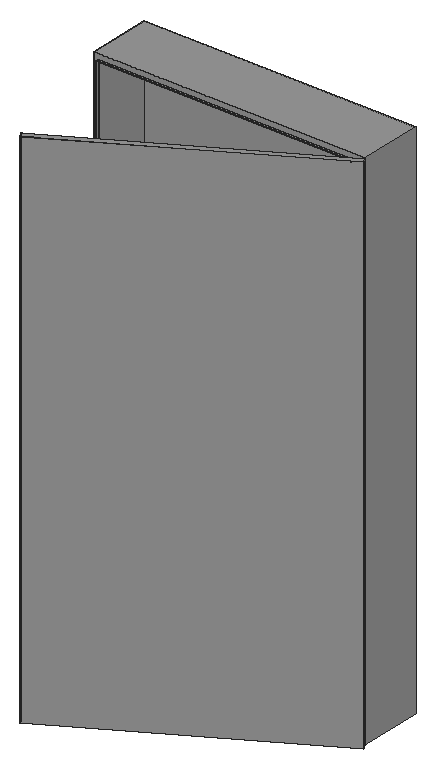
Revit family "Hager-Univers-IP54-D205-H1550-Cl.II-Encl-NoHosted-DE-de", category Equipement électrique, Revit 2020
Family settings
  Configuration du panneau = Deux colonnes, circuits au sein
  Cote de connecteur circulaire = Utiliser le diamètre
  Type d'élément = Tableau de raccordement
  Basée sur le plan de construction = Oui
  Toujours verticalement = Oui
  Couper avec des vides une fois chargée = Non
  Partagée = Non
  Point de calcul de pièce = Non
Parameters (values of type "Aufputz IP54 B800 H1550 T205  - FP03SW2")
  Width Control [instance] = if([EF000008 - Breite] > Min Width, [EF000008 - Breite], Min Width)  # 800 mm
  Commentaires du type = [HG000003 - Bereich]  # "Univers"
  Thickness Door [instance] = if([EF009171 - Materialstärke Tür/Deckel] > 3 mm, 3 mm, [EF009171 - Materialstärke Tür/Deckel])  # 1 mm
  Seal Frame Offset [instance] = 17 mm  # constant formula
  Plinth Visibility [instance] = [HG000027 - Sockelhöhe] > 0 mm  # no
  Min Width [instance] = 100 mm  # constant formula
  Min Depth [instance] = (2 * [EF009170 - Materialstärke Gehäuse]) + 1 mm  # 3 mm
  Min Height [instance] = 100 mm  # constant formula
  Internal Frame Depth [instance] = (Door System Depth * 0.5)  # 9 mm
  Panel Name [instance] = ""  # (empty or 0)
  Model = ""
  HG000027 - Sockelhöhe = 0 mm
  HG000026 - Stehend auf dem Boden = no
  HG000024 - Höhe des unteren Teils = 600 mm
  HG000023 - Gehäuse mit doppeltem Querschnitt = no
  HG000016 - 3D-Türsichtbarkeit [instance] = yes
  HG000015 - Sichtbarkeit der Türöffnung [instance] = no
  HG000014 - Tür rechts [instance] = yes
  HG000013 - Tür links [instance] = not([HG000014 - Tür rechts])  # no
  HG000012 - Türschwenkwinkel [instance] = 30.00°
  HG000010 - Asymmetrische Türen = no
  HG000009 - Doppelflügeligen Tür = no
  HG000006 - Unterputz = no
  HG000004 - Herstellerreferenz = "FP03SW2"
  HG000003 - Bereich = "Univers"
  HG000002 - Mit tür = yes
  Frame Offset Bottom [instance] = 10 mm  # constant formula
  Frame Offset [instance] = 15 mm  # constant formula
  EF015940 - Deckel mit Überdruckentlastung = no
  EF011959 - Schutzart (NEMA) = ""
  EF009554 - Anzahl der Öffnungen für Flanschplatten = 6
  EF009212 - Ausführung Deckel = "EV000116 - geschlossen"
  EF009171 - Materialstärke Tür/Deckel = 1 mm
  EF009170 - Materialstärke Gehäuse = 1 mm
  EF008873 - Nennstrom (In) = 250 A
  EF007800 - Geeignet für Blitzschutz = no
  EF006306 - Mit Schloss = no
  EF006244 - Transparenter Deckel/Tür = no
  EF005474 - Schutzart (IP) = "EV006419 - IP54"
  EF004464 - Art der Tür = "EV002646 - Einzel"
  EF004427 - Anzahl der Module = 360
  EF004293 - Schlagfestigkeit = "EV006815 - IK09"
  EF003532 - Geeignet für Außengebrauch = no
  EF002950 - Breite in Teilungseinheiten = 36
  EF001613 - Funktionserhalt = "EV000494 - ohne"
  EF001596 - Werkstoff des Gehäuses = "EV000179 - Stahl"
  EF001131 - Innentiefe = 143 mm
  EF001088 - Anbaumöglichkeit = yes
  EF000437 - Anzahl der Leitungseinführungen = 6
  EF000339 - Art der Abdeckung = "EV001012 - Deckel"
  EF000266 - Anzahl der Reihen = 10
  EF000218 - Einbautiefe = 205 mm
  EF000118 - Mit Montageplatte = no
  EF000116 - RAL-Nummer = "9010"
  EF000049 - Tiefe = 205 mm
  EF000040 - Höhe = 1550 mm
  EF000008 - Breite = 800 mm
  EF000007 - Farbe = "EV000202 - weiß"
  EF000003 - Montageart = "EV000384 - Aufputz"
  Door System Leaf Tolerance [instance] = 1.5 mm  # constant formula
  Door System Depth [instance] = 18 mm  # constant formula
  Door Height [instance] = Height Control - [HG000027 - Sockelhöhe]  # 1550 mm
  Description = ""
  Default Elevation = 1219.2 mm
  Connector Offset [instance] = Height Control / 2  # 775 mm
  Fabricant = "Hager"  # constant formula
  Height Control [instance] = if([EF000040 - Höhe] > Min Height, [EF000040 - Höhe], Min Height)  # 1550 mm
  Depth Control [instance] = if([EF000049 - Tiefe] > Min Depth, [EF000049 - Tiefe], Min Depth)  # 205 mm
  Bottom Top Plate Trim [instance] = 1.5 mm  # constant formula
  Plinth height Ctrl [instance] = if([HG000027 - Sockelhöhe] > 0 mm, [HG000027 - Sockelhöhe], 12 mm)  # 12 mm
Types (5, lengths in mm): name | Width Control | HG000010 - Asymmetrische Türen | HG000009 - Doppelflügeligen Tür | HG000004 - Herstellerreferenz | EF009554 - Anzahl der Öffnungen für Flanschplatten | EF008873 - Nennstrom (In) | EF004464 - Art der Tür | EF004427 - Anzahl der Module | EF002950 - Breite in Teilungseinheiten | EF000437 - Anzahl der Leitungseinführungen | EF000008 - Breite
  Aufputz IP54 B1050 H1550 T205  - FP04SW2 | 1050 | no | yes | "FP04SW2" | 8 | 400 A | "EV003602 - Doppel" | 480 | 48 | 8 | 1050
  Aufputz IP54 B1300 H1550 T205  - FP05SW2 | 1300 | yes | yes | "FP05SW2" | 10 | 400 A | "EV003602 - Doppel" | 600 | 60 | 10 | 1300
  Aufputz IP54 B300 H1550 T205  - FP01SW2 | 300 | no | no | "FP01SW2" | 2 | 250 A | "EV002646 - Einzel" | 120 | 12 | 2 | 300
  Aufputz IP54 B550 H1550 T205  - FP02SW2 | 550 | no | no | "FP02SW2" | 4 | 250 A | "EV002646 - Einzel" | 240 | 24 | 4 | 550
  Aufputz IP54 B800 H1550 T205  - FP03SW2 | 800 | no | no | "FP03SW2" | 6 | 250 A | "EV002646 - Einzel" | 360 | 36 | 6 | 800
Reference planes
  plane 1 "Center (Front/Back)": y = 0
  plane 2: z = 0
  plane 3 "Center (Left/Right)": x = 0
  plane 4: y = 0
  plane 5: y = 0
  plane 6: z = 0
  plane 7: x = -400
  plane 8: x = 400
  plane 9: x = 399
  plane 10: x = -399
  plane 11: z = 0
  plane 12: z = 1
  plane 13: y = -205
  plane 14: y = -1
  plane 15: x = 0
  plane 16: y = -187
  plane 17: y = -204
  plane 18: y = -186
  plane 19: x = -384
  plane 20: x = 384
  plane 21: z = 11
  plane 22: x = -383
  plane 23: x = 383
  plane 24: z = 0
  plane 25: z = 1550
  plane 26: z = 1550
  plane 27: z = 1534
  plane 28: z = 1549
Forms (mm)
  Extrusion 1, solid, material "Hager_Steel_RAL7035_Light_Grey", detail levels medium+fine
    sketch origin (-208.679, -4572, 0) x (-1, 0, 0) y (0, -1, 0)
      loop
        line (191.321, -4385) -> (-608.679, -4385) -> (-608.679, -4572) -> (191.321, -4572) -> (191.321, -4385)
    from 0 to 1550
  Extrusion 2, void
    sketch origin (-350.771, -205, 1219.2) x (1, 0, 0) y (0, 0, 1)
      loop
        line (-48.229, 329.8) -> (-48.229, -1218.2) -> (749.771, -1218.2) -> (749.771, 329.8) -> (-48.229, 329.8)
    from -19 to -204
  Extrusion 3, void
    sketch origin (-290.084, -187, 1219.2) x (1, 0, 0) y (0, 0, 1)
      loop
        line (-93.916, -1208.2) -> (674.084, -1208.2) -> (674.084, 314.8) -> (-93.916, 314.8) -> (-93.916, -1208.2)
    from 0 to -1
  Extrusion 4, solid, material "Hager_Steel_RAL7035_Light_Grey", visible <- "Plinth Visibility", detail levels medium+fine
    sketch origin (0, 0, 0) x (1, 0, 0) y (0, 1, 0)
      loop
        line (-400, 0) -> (-400, -187) -> (400, -187) -> (400, 0) -> (-400, 0)
    from 0 to 12 <- "Plinth height Ctrl"
  Extrusion 5, solid, material "Hager_Steel_RAL7035_Light_Grey", detail levels coarse
    sketch origin (0, 0, 0) x (1, 0, 0) y (0, 1, 0)
      loop
        line (-400, 0) -> (-400, -205) -> (400, -205) -> (400, 0) -> (-400, 0)
    from 0 to 1550 <- "Height Control"
  Sweep 6, void
    path in 3D
      loop
        line (-400, -187, 12) -> (400, -187, 12) -> (400, 0, 12) -> (-400, 0, 12) -> (-400, -187, 12)
    profile origin (-400, -93.5, 12) x (1, 0, 0) y (0, 0, 1)
      loop
        line (0, 0) -> (0, -1.5) -> (1.5, -1.5)
        arc (1.5, -1.5) -> (1.061, -0.439) -> (0, 0) r 1.5
  Extrusion 7, solid, material "Hager_Steel_RAL7035_Light_Grey", detail levels fine
    sketch origin (-400, -187, 0) x (1, 0, 0) y (0, 0, 1)
      loop
        line (16, 11) -> (784, 11) -> (784, 1534) -> (16, 1534) -> (16, 11)
      loop
        line (15, 10) -> (785, 10) -> (785, 1535) -> (15, 1535) -> (15, 10)
    from 0 to 9 <- "Internal Frame Depth"
Cuts and joins
  Extrusion 2, Extrusion 3 cuts Extrusion 1
  Sweep 6 cuts Extrusion 4
Lines and regions (mm)
  Masking region 1
    outline origin (0, 0, 0) x (1, 0, 0) y (0, 1, 0)
      loop
        line (-400, 0) -> (-400, -205) -> (400, -205) -> (400, 0) -> (-400, 0)
  Masking region 2, detail levels coarse
    outline origin (-290.084, -187, 1219.2) x (-1, 0, 0) y (0, 0, 1)
      loop
        line (-690.084, -1219.2) -> (109.916, -1219.2) -> (109.916, 330.8) -> (-690.084, 330.8) -> (-690.084, -1219.2)
  Masking region 3, detail levels coarse
    outline origin (0, 0, 0) x (0, 1, 0) y (0, 0, 1)
      loop
        line (0, 0) -> (0, 1550) -> (-205, 1550) -> (-205, 0) -> (0, 0)
  Masking region 4, visible <- "Plinth Visibility", detail levels medium+fine
    outline origin (0, 0, 0) x (0, 1, 0) y (0, 0, 1)
      loop
        line (-1.5, 12) -> (-185.5, 12)
        arc (-185.5, 12) -> (-185.939, 10.939) -> (-187, 10.5) r 1.5
        line (-187, 10.5) -> (-187, 0) -> (0, 0) -> (0, 10.5)
        arc (0, 10.5) -> (-1.061, 10.939) -> (-1.5, 12) r 1.5
  Masking region 5, detail levels medium+fine
    outline origin (0, 0, 594.038) x (0, 1, 0) y (0, 0, 1)
      loop
        line (0, -594.038) -> (0, 955.962) -> (-187, 955.962) -> (-187, -594.038) -> (0, -594.038)
  Masking region 6, detail levels medium+fine
    outline origin (-359.7, -187, 1211.883) x (-1, 0, 0) y (0, 0, 1)
      loop
        line (-759.7, -1211.883) -> (40.3, -1211.883) -> (40.3, 338.117) -> (-759.7, 338.117) -> (-759.7, -1211.883)
  Masking region 7, visible <- "Plinth Visibility", detail levels medium+fine
    outline origin (-320.334, -187, 1041.368) x (-1, 0, 0) y (0, 0, 1)
      loop
        line (-720.334, -1041.368) -> (79.666, -1041.368) -> (79.666, -1030.868)
        arc (79.666, -1030.868) -> (78.606, -1030.429) -> (78.166, -1029.368) r 1.5
        line (78.166, -1029.368) -> (-718.834, -1029.368)
        arc (-718.834, -1029.368) -> (-719.273, -1030.429) -> (-720.334, -1030.868) r 1.5
        line (-720.334, -1030.868) -> (-720.334, -1041.368)
  sketch lines
    curve 1: line (-400, 0, 12) -> (-400, -187, 12)
    curve 2: line (-400, -187, 12) -> (400, -187, 12)
    curve 3: line (400, 0, 12) -> (-400, 0, 12)
    curve 4: line (400, -187, 12) -> (400, 0, 12)
Dimensions and locks
  locked: plane 1 "Center (Front/Back)" to plane 5
  "EF009170 - Materialstärke Gehäuse": plane 7 to plane 10
  "EF009170 - Materialstärke Gehäuse": plane 8 to plane 9
  equal spacing: plane 7, plane 3 "Center (Left/Right)", plane 8
  "Width Control": plane 7 to plane 8
  "Depth Control": plane 4 to plane 13
  "EF009170 - Materialstärke Gehäuse": plane 4 to plane 14
  "Height Control": plane 25 to level
  "HG000027 - Sockelhöhe": plane 11 to level
  "EF009170 - Materialstärke Gehäuse": plane 12 to plane 11
  "EF009170 - Materialstärke Gehäuse": plane 17 to plane 13
  "EF009170 - Materialstärke Gehäuse": plane 18 to plane 16
  "Frame Offset Bottom": plane 21 to plane 12
  "Frame Offset": plane 10 to plane 19
  "Frame Offset": plane 9 to plane 20
  "Door System Depth": plane 16 to plane 13
  "Seal Frame Offset": plane 7 to plane 22
  "Seal Frame Offset": plane 8 to plane 23
  "EF009170 - Materialstärke Gehäuse": plane 26 to plane 28
  "Frame Offset": plane 28 to plane 27
  "Connector Offset": plane 2 to connector elem
  "Bottom Top Plate Trim": profile plane to Sweep 6 sketch curve
  "Bottom Top Plate Trim": Sweep 6 sketch curve to Sweep 6 sketch curve
  "Plinth height Ctrl": Masking region 4 sketch curve to level
  "Plinth height Ctrl": Masking region 7 sketch curve to level
  "Thickness Door": Extrusion 7 sketch curve to Extrusion 7 sketch curve  (x4)
  "Bottom Top Plate Trim": radius of Sweep 6 sketch curve
  "Bottom Top Plate Trim": radius of Masking region 4 sketch curve  (x2)
  "Bottom Top Plate Trim": radius of Masking region 7 sketch curve  (x2)
  aligned and locked: Extrusion 2 sketch curve to plane 12
  aligned and locked: Extrusion 2 sketch curve to plane 9
  aligned and locked: Extrusion 2 sketch curve to plane 10
  aligned and locked: Extrusion 2 to plane 14
  aligned and locked: Extrusion 1 sketch curve to plane 4
  aligned and locked: plane 8 to Extrusion 1 sketch curve
  aligned and locked: plane 7 to Extrusion 1 sketch curve
  aligned and locked: Extrusion 2 to plane 18
  aligned and locked: Extrusion 3 sketch curve to plane 19
  aligned and locked: plane 20 to Extrusion 3 sketch curve
  aligned and locked: Extrusion 3 to Extrusion 2
  aligned and locked: Extrusion 3 sketch curve to plane 21
  aligned and locked: plane 3 "Center (Left/Right)" to nested 1
  aligned and locked: Extrusion 1 sketch curve to plane 16
  aligned and locked: Extrusion 4 sketch curve to cut or joined group of Extrusion 1, Extrusion 2, Extrusion 3
  aligned and locked: Masking region 1 sketch curve to plane 7
  aligned and locked: Masking region 1 sketch curve to plane 5
  aligned and locked: Masking region 1 sketch curve to plane 8
  aligned and locked: Masking region 2 sketch curve to level
  aligned and locked: level to Masking region 3 sketch curve
  aligned and locked: plane 1 "Center (Front/Back)" to Masking region 3 sketch curve
  aligned and locked: plane 13 to Masking region 3 sketch curve
  aligned and locked: plane 5 to Masking region 4 sketch curve
  aligned and locked: Masking region 2 sketch curve to plane 8
  aligned and locked: Masking region 2 sketch curve to plane 7
  aligned and locked: plane 7 to nested 2
  aligned and locked: nested 2 to plane 5
  aligned and locked: plane 5 to Masking region 5 sketch curve
  aligned and locked: plane 26 to Masking region 5 sketch curve
  aligned and locked: Extrusion 5 sketch curve to plane 8
  aligned and locked: Extrusion 5 sketch curve to plane 7
  aligned and locked: Extrusion 5 sketch curve to plane 5
  aligned and locked: Extrusion 3 sketch curve to plane 27
  aligned and locked: Extrusion 2 sketch curve to plane 28
  aligned and locked: Masking region 2 to plane 25
  aligned and locked: Extrusion 4 to plane 16
  aligned and locked: profile plane to Sweep 6 sketch curve
  aligned and locked: Masking region 5 sketch curve to plane 24
  aligned and locked: level to Masking region 4 sketch curve
  aligned and locked: Masking region 1 to plane 13
  aligned and locked: nested 1 to plane 16
  aligned and locked: Masking region 3 to plane 25
  aligned and locked: plane 16 to Masking region 4 sketch curve
  aligned and locked: Masking region 5 sketch curve to plane 16
  aligned and locked: plane 24 to plane 11
  aligned and locked: plane 26 to plane 25
  aligned and locked: plane 26 to cut or joined group of Extrusion 1, Extrusion 2, Extrusion 3
  aligned and locked: nested 1 to plane 24
  aligned and locked: Extrusion 1 to Extrusion 3
  aligned and locked: Masking region 6 sketch curve to plane 8
  aligned and locked: Masking region 6 sketch curve to plane 24
  aligned and locked: Masking region 6 sketch curve to plane 7
  aligned and locked: Masking region 6 sketch curve to plane 26
  aligned and locked: Masking region 7 sketch curve to plane 7
  aligned and locked: level to Masking region 7 sketch curve
  aligned and locked: Masking region 7 sketch curve to plane 8
  aligned and locked: Extrusion 7 sketch curve to cut or joined group of Extrusion 1, Extrusion 2, Extrusion 3  (x4)
Automatic sketch dimensions
  plane 19 to Extrusion 3 sketch curve = 0 mm
  Extrusion 3 sketch curve to plane 20 = 0 mm
  Extrusion 3 sketch curve to plane 21 = 0 mm
  Extrusion 4 sketch curve to plane 7 = 0 mm
  Extrusion 4 sketch curve to plane 8 = 0 mm
  Extrusion 4 sketch curve to plane 16 = 0 mm
  Masking region 1 sketch curve to plane 13 = 0 mm
  Masking region 2 sketch curve to plane 25 = 0 mm
  Masking region 3 sketch curve to plane 25 = 0 mm
  Extrusion 5 sketch curve to plane 13 = 0 mm
  profile plane to Sweep 6 sketch curve = 0 mm
Nested families
  nested 1: "EC000058_Univers_Door" at (0, -187, 0), Double <- "HG000009 - Doppelflügeligen Tür", Transparent <- "EF006244 - Transparenter Deckel/Tür", Angle <- "HG000012 - Türschwenkwinkel", Door_Right <- "HG000014 - Tür rechts", Assymetrical <- "HG000010 - Asymmetrische Türen", Door <- "HG000002 - Mit tür", Width_Ctrl <- "Width Control", 3d_Door <- "HG000016 - 3D-Türsichtbarkeit", Clearance <- "HG000015 - Sichtbarkeit der Türöffnung", Door_Left <- "HG000013 - Tür links", Width <- "Width Control", Door_Depth <- "Door System Depth", Leaf_Tolerance <- "Door System Leaf Tolerance", Height <- "Door Height", Lock_Visibility <- "EF006306 - Mit Schloss", Thickness <- "Thickness Door", type "EC000058_Univers_Door", detail levels medium+fine
    with min_wh 3 mm, Width_Ctrl 800 mm, Width 800 mm, Transparent no, Thickness 1 mm, Seal_Material Hager_Rubber, Lock_Visibility no, Lock_Material Hager_Plastic_RAL9005_Jet_Black, Leaf_Width 800 mm, Leaf_Tolerance_External_Sides 0 mm, Leaf_Tolerance 1.5 mm, Leaf_Offset 0 mm, Leaf_Height 1547 mm, Leaf_2_Width 800 mm, Leaf_2_Offset 400 mm, Leaf_1_Width 800 mm, Leaf_1_Offset 400 mm, Height_Ctrl 1550 mm, Height 1550 mm, Glass_Material Hager_Glass, Double_Clearance_Ctrl no, Double no, Door_Right_Ctrl yes, Door_Right yes, Door_Material Hager_Steel_RAL7035_Light_Grey, Door_Left_Ctrl no, Door_Left no, Door_Depth 18 mm, Door yes, Clearance_Material Hager_Clearance, Clearance_Depth 800 mm, Clearance_Ctrl no, Clearance no, Assymetrical no, Angle 30.00°, 3d_Door yes
  nested 2: "Hager_Enclosure_Symbol" at (-400, 0, 0), Height <- "Depth Control", Width <- "Width Control", type "Hager_Enclosure_Symbol"
    with Width_Ctrl 800 mm, Width 800 mm, Height_Ctrl 205 mm, Height 205 mm, A_Width_Int 13.453 mm, A_Width 161.438 mm, A_Height_Ctrl 179.375 mm, A_Height 179.375 mm
Connectors
  electrical at (0, 0, 775)
    settings: on plane 1 "Center (Front/Back)", index 1, voltage 0 V, apparent load 0 VA, apparent load phase1 0 VA, apparent load phase2 0 VA, apparent load phase3 0 VA, power factor 1, load classification "Other", number of poles 1, system type 30, power factor state 1, is connector primary yes, connector utility no, sub classification motor no, connector description ""
Definition of nested family "EC000058_Univers_Door"
  Parameters (values of type "EC000058_Univers_Door")
    min_wh [instance] = (2 * Thickness) + 1 mm  # 11 mm
    Width_Ctrl [instance] = 400 mm
    Width [instance] = 500 mm
    Transparent [instance] = yes
    Thickness [instance] = 5 mm
    Seal_Material [instance] = none
    Lock_Visibility [instance] = yes
    Lock_Material [instance] = none
    Leaf_Width [instance] = if((Width_Ctrl - 2 * Leaf_Tolerance_External_Sides) > 0 mm, (Width_Ctrl - 2 * Leaf_Tolerance_External_Sides), min_wh)  # 400 mm
    Leaf_Tolerance_External_Sides [instance] = 0 mm  # constant formula
    Leaf_Tolerance [instance] = 1.5 mm
    Leaf_Offset [instance] = 0 mm  # constant formula
    Leaf_Height [instance] = if((Height_Ctrl - 2 * Leaf_Tolerance) > 0 mm, (Height_Ctrl - 2 * Leaf_Tolerance), min_wh)  # 497 mm
    Leaf_2_Width [instance] = if(and(and(Double, Assymetrical), Door_Left), (Leaf_Width / 3) - (Leaf_Tolerance / 2), if(and(and(Double, Assymetrical), Door_Right), (Leaf_Width / 3) * 2 - (Leaf_Tolerance / 2), if(and(Double, not(Assymetrical)), (Leaf_Width / 2) - Leaf_Tolerance, Leaf_Width)))  # 400 mm
    Leaf_2_Offset [instance] = if(and(Double, Assymetrical), Leaf_2_Width / 2, if(and(Double, not(Assymetrical)), Leaf_Width / 4, Leaf_Width / 2))  # 200 mm
    Leaf_1_Width [instance] = if(and(and(Double, Assymetrical), Door_Right), (Leaf_Width / 3) - (Leaf_Tolerance / 2), if(and(and(Double, Assymetrical), Door_Left), (Width / 3) * 2 - (Leaf_Tolerance / 2), if(and(Double, not(Assymetrical)), (Leaf_Width / 2) - Leaf_Tolerance, Leaf_Width)))  # 400 mm
    Leaf_1_Offset [instance] = if(and(Double, Assymetrical), Leaf_1_Width / 2, if(and(Double, not(Assymetrical)), Leaf_Width / 4, Leaf_Width / 2))  # 200 mm
    Height_Ctrl [instance] = if(Height > min_wh, Height, min_wh)  # 500 mm
    Height [instance] = 500 mm
    Glass_Material [instance] = none
    Double_Clearance_Ctrl [instance] = and(Double, Clearance)  # no
    Double [instance] = no
    Door_Right_Ctrl [instance] = and(or(Door_Right, Double), Door)  # yes
    Door_Right [instance] = yes
    Door_Material [instance] = none
    Door_Left_Ctrl [instance] = and(or(Door_Left, Double), Door)  # no
    Door_Left [instance] = no
    Door_Depth [instance] = 30 mm
    Door [instance] = yes
    Default Elevation = 1219.2 mm
    Clearance_Material [instance] = none
    Clearance_Depth [instance] = if(Leaf_1_Width > Leaf_2_Width, Leaf_1_Width, Leaf_2_Width)  # 400 mm
    Clearance_Ctrl [instance] = and(not(Double), Clearance)  # yes
    Clearance [instance] = yes
    Assymetrical [instance] = yes
    Angle [instance] = 30.00°
    3d_Door [instance] = yes
  Reference planes
    plane 1 "Center (Front/Back)": y = 0
    plane 2 "Bottom": z = 0
    plane 3 "Center (Left/Right)": x = 0
    plane 4: z = 500
    plane 5: x = -200
    plane 6: x = 200
    plane 7: z = 500
    plane 8: x = -200
    plane 9: z = 0
    plane 10: x = 200
    plane 11: y = 0
    plane 12: z = 1.5
    plane 13: x = -600
    plane 14: y = -400
    plane 15: x = 600
    plane 16: x = 0
    plane 17: x = 0
    plane 18: x = -200
    plane 19: x = 200
    plane 20: z = 498.5
  Forms (mm)
    Extrusion 1, solid, material <- "Clearance_Material", visible <- "Double_Clearance_Ctrl"
      sketch origin (1200, 0, 0) x (1, 0, 0) y (0, 0, -1)
        loop
          line (-1800, -498.5) -> (-600, -498.5) -> (-600, 0) -> (-1800, 0) -> (-1800, -498.5)
      from 0 to -400
  Dimensions and locks
    equal spacing: plane 5, plane 3 "Center (Left/Right)", plane 6
    "Width_Ctrl": plane 5 to plane 6
    "Leaf_Offset": plane 5 to plane 8
    "Leaf_Offset": plane 6 to plane 10
    "Leaf_Offset": plane 9 to level
    "Leaf_Offset": plane 4 to plane 7
    "Height_Ctrl": plane 4 to level
    "Leaf_Tolerance": plane 12 to plane 9
    locked: plane 11 to plane 1 "Center (Front/Back)"
    "Leaf_1_Offset": plane 18 to plane 16
    "Leaf_2_Offset": plane 17 to plane 19
    "Leaf_1_Width": plane 13 to plane 8
    "Leaf_2_Width": plane 10 to plane 15
    "Clearance_Depth": plane 14 to plane 1 "Center (Front/Back)"
    "Leaf_Tolerance_External_Sides": plane 8 to plane 18
    "Leaf_Tolerance_External_Sides": plane 19 to plane 10
    "Leaf_Tolerance": plane 7 to plane 20
    aligned and locked: level to plane 2 "Bottom"
    aligned and locked: nested 1 to plane 16
    aligned and locked: nested 2 to plane 17
    aligned and locked: Extrusion 1 to plane 13
    aligned and locked: plane 15 to Extrusion 1
    aligned and locked: Extrusion 1 to plane 14
    aligned and locked: plane 12 to nested 1
    aligned and locked: nested 2 to plane 12
    aligned and locked: Extrusion 1 to plane 11
    aligned and locked: plane 20 to Extrusion 1
    aligned and locked: nested 2 to plane 11
    aligned and locked: nested 1 to plane 11
  Automatic sketch dimensions
    Extrusion 1 sketch curve to level = 0 mm
    plane 5 to Extrusion 1 sketch curve = 400 mm
    plane 6 to Extrusion 1 sketch curve = 400 mm
    Extrusion 1 sketch curve to plane 4 = 1.5 mm
  Nested families
    nested 1: "EC000058_Univers_Door_Leaf" at (0, 0, 1.5), Width <- "Leaf_1_Width", visible <- "Door_Left_Ctrl", Leaf_Height <- "Leaf_Height", Angle <- "Angle", 3d_Door <- "3d_Door", Transparent <- "Transparent", Clearance Material <- "Clearance_Material", Clearance <- "Clearance_Ctrl", Door_Material <- "Door_Material", Glass_Material <- "Glass_Material", Door_Depth <- "Door_Depth", Lock_Material <- "Lock_Material", Seal_Material <- "Seal_Material", Lock_Visibility <- "Lock_Visibility", Thickness <- "Thickness", type "EC000058_Univers_Door_Leaf"
      with Width 400 mm, Transparent_Glass_Offset 30 mm, Transparent_Ctrl yes, Transparent yes, Thickness 5 mm, Standard no, Seal_Material none, Seal_D2 8 mm, Seal_D1 1 mm, Offset_Internal_Frame 10 mm, Lock_Width 20 mm, Lock_Visibility_3d yes, Lock_Visibility yes, Lock_Thickness_3 3 mm, Lock_Thickness_2 1 mm, Lock_Thickness_1 3 mm, Lock_Radius_Offset_2 16 mm, Lock_Radius_Offset_1 15 mm, Lock_Radius_2 5 mm, Lock_Radius 6 mm, Lock_Offset 5 mm, Lock_Material none, Lock_Height 80 mm, Lock_Cover_Top_Offset_2d 17 mm, Lock_Cover_Height -65 mm, Leaf_Height 497 mm, Internal_Seal_Thickness 8 mm, Internal_Seal_Depth_2 4.5 mm, Internal_Frame_Depth 25 mm, Glass_Thickness -1 mm, Glass_Offset -2 mm, Glass_Material none, Door_Material none, Door_Depth 30 mm, Clearance Material none, Clearance yes, Angle_Ctrl 30.00°, Angle 30.00°, 3d_Door yes
    nested 2: "EC000058_Univers_Door_Leaf" at (0, 0, 1.5) x (-1, 0, 0) z (0, 0, 1), Width <- "Leaf_2_Width", visible <- "Door_Right_Ctrl", Leaf_Height <- "Leaf_Height", Angle <- "Angle", 3d_Door <- "3d_Door", Transparent <- "Transparent", Clearance Material <- "Clearance_Material", Clearance <- "Clearance_Ctrl", Door_Material <- "Door_Material", Glass_Material <- "Glass_Material", Door_Depth <- "Door_Depth", Lock_Material <- "Lock_Material", Seal_Material <- "Seal_Material", Lock_Visibility <- "Lock_Visibility", Thickness <- "Thickness", type "EC000058_Univers_Door_Leaf"
      with Width 400 mm, Transparent_Glass_Offset 30 mm, Transparent_Ctrl yes, Transparent yes, Thickness 5 mm, Standard no, Seal_Material none, Seal_D2 8 mm, Seal_D1 1 mm, Offset_Internal_Frame 10 mm, Lock_Width 20 mm, Lock_Visibility_3d yes, Lock_Visibility yes, Lock_Thickness_3 3 mm, Lock_Thickness_2 1 mm, Lock_Thickness_1 3 mm, Lock_Radius_Offset_2 16 mm, Lock_Radius_Offset_1 15 mm, Lock_Radius_2 5 mm, Lock_Radius 6 mm, Lock_Offset 5 mm, Lock_Material none, Lock_Height 80 mm, Lock_Cover_Top_Offset_2d 17 mm, Lock_Cover_Height -65 mm, Leaf_Height 497 mm, Internal_Seal_Thickness 8 mm, Internal_Seal_Depth_2 4.5 mm, Internal_Frame_Depth 25 mm, Glass_Thickness -1 mm, Glass_Offset -2 mm, Glass_Material none, Door_Material none, Door_Depth 30 mm, Clearance Material none, Clearance yes, Angle_Ctrl 30.00°, Angle 30.00°, 3d_Door yes
  Definition of nested family "EC000058_Univers_Door_Leaf"
    Parameters (values of type "EC000058_Univers_Door_Leaf")
      Width [instance] = 2000 mm
      Transparent_Glass_Offset [instance] = 30 mm
      Transparent_Ctrl [instance] = and(Transparent, [3d_Door])  # yes
      Transparent [instance] = yes
      Thickness [instance] = 5 mm
      Standard [instance] = and(not(Transparent), [3d_Door])  # no
      Seal_Material [instance] = none
      Seal_D2 [instance] = 8 mm  # constant formula
      Seal_D1 [instance] = 1 mm  # constant formula
      Offset_Internal_Frame [instance] = 10 mm  # constant formula
      Lock_Width [instance] = 20 mm  # constant formula
      Lock_Visibility_3d [instance] = and(Lock_Visibility, [3d_Door])  # yes
      Lock_Visibility [instance] = yes
      Lock_Thickness_3 [instance] = 3 mm  # constant formula
      Lock_Thickness_2 [instance] = 1 mm  # constant formula
      Lock_Thickness_1 [instance] = 3 mm  # constant formula
      Lock_Radius_Offset_2 [instance] = Lock_Radius_Offset_1 + 1 mm  # 16 mm
      Lock_Radius_Offset_1 [instance] = 15 mm  # constant formula
      Lock_Radius_2 [instance] = Lock_Radius - 1 mm  # 5 mm
      Lock_Radius [instance] = 6 mm  # constant formula
      Lock_Offset [instance] = 5 mm  # constant formula
      Lock_Material [instance] = none
      Lock_Height [instance] = 80 mm  # constant formula
      Lock_Cover_Top_Offset_2d [instance] = Lock_Radius_Offset_2 + 1 mm  # 17 mm
      Lock_Cover_Height [instance] = -(Lock_Height - Lock_Radius_Offset_1)  # -65 mm
      Leaf_Height [instance] = 2720.336 mm
      Internal_Seal_Thickness [instance] = 8 mm  # constant formula
      Internal_Seal_Depth_2 [instance] = 4.5 mm  # constant formula
      Internal_Frame_Depth [instance] = if(Door_Depth - Thickness > 5 mm, Door_Depth - Thickness, 5 mm)  # 25 mm
      Glass_Thickness [instance] = if(Thickness > 15 mm, Glass_Offset + 10 mm, -1 mm)  # -1 mm
      Glass_Offset [instance] = if(Thickness > 15 mm, -(Thickness + 10 mm) / 2, -2 mm)  # -2 mm
      Glass_Material [instance] = none
      Door_Material [instance] = none
      Door_Depth [instance] = 30 mm
      Default Elevation = 0 mm
      Clearance Material [instance] = none
      Clearance [instance] = yes
      Angle_Ctrl [instance] = if(Angle > 180.00°, 180.00°, Angle)  # 90.00°
      Angle [instance] = 90.00°
      3d_Door [instance] = yes
    Reference planes
      plane 1 "Center (Front/Back)": y = 0
      plane 2: z = 0
      plane 3 "Center (Left/Right)": x = 0
      plane 4: y = 2000
      plane 5: x = -1000
      plane 6: x = 1000
      plane 7: x = -3000
      plane 8: z = 2720.336
      plane 9: z = 30
      plane 10: z = 2690.336
      plane 11: x = 970
      plane 12: x = -970
      plane 13: y = -3
      plane 14: z = 107.833
      plane 15: y = -5
      plane 16: y = -223.314
      plane 17: x = -1000
      plane 18: z = 1360.168
      plane 19: y = 30
    Forms (mm)
      Extrusion 1, solid, material <- "Clearance Material", visible <- "Clearance"
        sketch origin (0, 0, 0) x (1, 0, 0) y (0, 0, 1)
          loop
            line (-3000, 2720.336) -> (-3000, 0) -> (1000, 0) -> (1000, 2720.336) -> (-3000, 2720.336)
        from 0 to -2000
      Extrusion 2, solid, material <- "Door_Material", visible <- "Standard", detail levels medium+fine
        sketch origin (-1000, 0, 0) x (0, 1, 0) y (-1, 0, 0)
          loop
            line (0, 30) -> (0, 25) -> (2000, 25) -> (2000, 30) -> (0, 30)
        from 0 to 2720.336 <- "Leaf_Height"
      Extrusion 3, solid, material <- "Door_Material", visible <- "Transparent_Ctrl", detail levels medium+fine
        sketch origin (-1000, 0, 0) x (0, 1, 0) y (-1, 0, 0)
          loop
            line (0, 25) -> (2000, 25) -> (2000, 30) -> (0, 30) -> (0, 25)
        from 0 to 2720.336 <- "Leaf_Height"
      Extrusion 4, void
        sketch origin (-1025, 2000, 0) x (0, 1, 0) y (0, 0, -1)
          loop
            line (-30, -2690.336) -> (-30, -30) -> (-1970, -30) -> (-1970, -2690.336) -> (-30, -2690.336)
        from 0 to 5 <- "Thickness"
      Sweep 5, solid, material <- "Seal_Material", visible <- "Transparent_Ctrl", detail levels fine
        path in 3D
          loop
            line (-1025, 30, 30) -> (-1025, 30, 2690.336) -> (-1025, 1970, 2690.336) -> (-1025, 1970, 30) -> (-1025, 30, 30)
        profile origin (-1025, 1000, 30) x (1, 0, 0) y (0, 0, 1)
          loop
            line (0, 0) -> (0, -8) -> (1, -8) -> (1, 0) -> (0, 0)
      Extrusion 6, solid, material <- "Glass_Material", visible <- "Transparent_Ctrl", detail levels medium+fine
        sketch origin (-1030, 0, 0) x (0, 1, 0) y (0, 0, -1)
          loop
            line (1970, -2690.336) -> (1970, -30) -> (30, -30) -> (30, -2690.336) -> (1970, -2690.336)
        from -2 <- "Glass_Offset" to -1 <- "Glass_Thickness"
      Extrusion 7, solid, material <- "Door_Material", visible <- "3d_Door", detail levels medium+fine
        sketch origin (-1025, 2000, 0) x (0, -1, 0) y (0, 0, -1)
          loop
            line (0, -2720.336) -> (2000, -2720.336) -> (2000, 0) -> (0, 0) -> (0, -2720.336)
          loop
            line (1995, -5) -> (5, -5) -> (5, -2715.336) -> (1995, -2715.336) -> (1995, -5)
        from 0 to 25 <- "Internal_Frame_Depth"
      Sweep 8, solid, material <- "Seal_Material", visible <- "Transparent_Ctrl", detail levels fine
        path in 3D
          loop
            line (-1025, 0, 0) -> (-1025, 2000, 0) -> (-1025, 2000, 2720.336) -> (-1025, 0, 2720.336) -> (-1025, 0, 0)
        profile origin (-1025, 0, 1360.168) x (1, 0, 0) y (0, 1, 0)
          loop
            line (0, 10) -> (2.975, 10)
            arc (2.975, 10) -> (4.053, 10.447) -> (4.5, 11.525) r 1.525
            line (4.5, 11.525) -> (4.5, 16.527)
            arc (4.5, 16.527) -> (4.069, 17.569) -> (3.027, 18) r 1.473
            line (3.027, 18) -> (0, 18) -> (0, 10)
      Extrusion 9, solid, material <- "Lock_Material", visible <- "Lock_Visibility_3d", detail levels fine
        sketch origin (-1030, 0, 0) x (0, 1, 0) y (0, 0, -1)
          loop
            arc (1993.5, -1400.168) -> (1994.561, -1399.729) -> (1995, -1398.668) r 1.5
            line (1995, -1398.668) -> (1995, -1320.168) -> (1975, -1320.168) -> (1975, -1398.668)
            arc (1975, -1398.668) -> (1975.439, -1399.729) -> (1976.5, -1400.168) r 1.5
            line (1976.5, -1400.168) -> (1993.5, -1400.168)
        from 3 <- "Lock_Thickness_1" to 0
      Blend 10, solid, material <- "Lock_Material", visible <- "Lock_Visibility_3d", detail levels fine
        base sketch origin (-1033, 0, 0) x (0, 1, 0) y (0, 0, -1)
          loop
            line (1975, -1320.168) -> (1975, -1398.668)
            arc (1975, -1398.668) -> (1975.439, -1399.729) -> (1976.5, -1400.168) r 1.5
            line (1976.5, -1400.168) -> (1993.5, -1400.168)
            arc (1993.5, -1400.168) -> (1994.561, -1399.729) -> (1995, -1398.668) r 1.5
            line (1995, -1398.668) -> (1995, -1320.168) -> (1975, -1320.168)
        top sketch origin (-1033, 0, 0) x (0, 1, 0) y (0, 0, -1)
          loop
            line (1976, -1320.168) -> (1976, -1398.668)
            arc (1976, -1398.668) -> (1976.146, -1399.022) -> (1976.5, -1399.168) r 0.5
            line (1976.5, -1399.168) -> (1993.5, -1399.168)
            arc (1993.5, -1399.168) -> (1993.854, -1399.022) -> (1994, -1398.668) r 0.5
            line (1994, -1398.668) -> (1994, -1320.168) -> (1976, -1320.168)
        from 0 to 1 <- "Lock_Thickness_2"
      Blend 11, solid, material <- "Lock_Material", visible <- "Lock_Visibility_3d", detail levels fine
        base sketch origin (-1034, 0, 0) x (0, 1, 0) y (0, 0, -1)
          loop
            line (1978, -1320.168) -> (1978, -1384.168)
            arc (1978, -1384.168) -> (1985, -1391.168) -> (1992, -1384.168) r 7
            line (1992, -1384.168) -> (1992, -1320.168) -> (1978, -1320.168)
        top sketch origin (-1034, 0, 0) x (0, 1, 0) y (0, 0, -1)
          loop
            line (1991, -1320.168) -> (1979, -1320.168) -> (1979, -1383.168)
            arc (1979, -1383.168) -> (1985, -1389.168) -> (1991, -1383.168) r 6
            line (1991, -1383.168) -> (1991, -1320.168)
        from 0 to 3 <- "Lock_Thickness_3"
      Extrusion 12, solid, material <- "Lock_Material", visible <- "Lock_Visibility_3d", detail levels fine
        sketch origin (-1030, 1975, 1320.168) x (1, 0, 0) y (0, -1, 0)
          loop
            line (-7, -19) -> (-7, -1) -> (0, -1) -> (0, 0) -> (-8, 0) -> (-8, -20) -> (0, -20) -> (0, -19) -> (-7, -19)
        from 0 to -65 <- "Lock_Cover_Height"
      Extrusion 13, void
        sketch origin (-1038, 1995, 1320.168) x (-1, 0, 0) y (0, 0, -1)
          loop
            line (-5, -65) -> (0, -65) -> (-5, -60) -> (-5, -65)
        from 0 to 20 <- "Lock_Width"
      Extrusion 14, void
        sketch origin (-1038, 1975, 1320.168) x (0, -1, 0) y (0, 0, -1)
          loop
            circle (-10, -15.995) r 6
          loop
            circle (-10, -15.995) r 5
        from 0 to 2
      Extrusion 15, solid, material <- "Lock_Material", visible <- "Lock_Visibility_3d", detail levels medium
        sketch origin (-1030, 0, 0) x (0, 1, 0) y (0, 0, -1)
          loop
            arc (1993.5, -1400.168) -> (1994.561, -1399.729) -> (1995, -1398.668) r 1.5
            line (1995, -1398.668) -> (1995, -1320.168) -> (1975, -1320.168) -> (1975, -1398.668)
            arc (1975, -1398.668) -> (1975.439, -1399.729) -> (1976.5, -1400.168) r 1.5
            line (1976.5, -1400.168) -> (1993.5, -1400.168)
        from 8 to 0
    Cuts and joins
      Extrusion 4 cuts Extrusion 3
      Extrusion 13, Extrusion 14 cuts Extrusion 9
      Extrusion 14 cuts Blend 11
      Extrusion 13, Extrusion 14 cuts Extrusion 12
      joined: Extrusion 9, Blend 10, Blend 11, Extrusion 12
      Extrusion 14 cuts Extrusion 15
    Lines and regions (mm)
      Masking region 1, visible <- "Lock_Visibility", detail levels fine
        outline origin (0, 0, 0) x (0, 1, 0) y (0, 0, 1)
          loop
            line (30, 1320.168) -> (33, 1320.168) -> (33, 1400.168) -> (30, 1400.168) -> (30, 1320.168)
      Masking region 2, visible <- "Lock_Visibility", detail levels fine
        outline origin (0, 3.143, 0) x (0, 1, 0) y (0, 0, 1)
          loop
            line (29.857, 1354.168) -> (30.857, 1354.168) -> (30.857, 1366.168) -> (29.857, 1366.168) -> (29.857, 1354.168)
      Masking region 3, detail levels medium+fine
        outline origin (0, 0, 0) x (0, 1, 0) y (0, 0, 1)
          loop
            line (0, 0) -> (30, 0) -> (30, 2720.336) -> (0, 2720.336) -> (0, 0)
      Masking region 4, detail levels medium+fine
        outline origin (0, 0, 0) x (1, 0, 0) y (0, 0, 1)
          loop
            line (-1000, 2720.336) -> (-1000, 0) -> (1000, 0) -> (1000, 2720.336) -> (-1000, 2720.336)
      Masking region 5, visible <- "Lock_Visibility", detail levels fine
        outline origin (-47.116, 0, 0) x (1, 0, 0) y (0, 0, 1)
          loop
            arc (1024.616, 1399.168) -> (1023.556, 1398.729) -> (1023.116, 1397.668) r 1.5
            line (1023.116, 1397.668) -> (1023.116, 1320.168) -> (1041.116, 1320.168) -> (1041.116, 1397.668)
            arc (1041.116, 1397.668) -> (1040.677, 1398.729) -> (1039.616, 1399.168) r 1.5
            line (1039.616, 1399.168) -> (1024.616, 1399.168)
      Masking region 6, visible <- "Lock_Visibility", detail levels medium+fine
        outline origin (-25, 0, 0) x (1, 0, 0) y (0, 0, 1)
          loop
            arc (1001.5, 1400.168) -> (1000.439, 1399.729) -> (1000, 1398.668) r 1.5
            line (1000, 1398.668) -> (1000, 1320.168) -> (1020, 1320.168) -> (1020, 1398.668)
            arc (1020, 1398.668) -> (1019.561, 1399.729) -> (1018.5, 1400.168) r 1.5
            line (1018.5, 1400.168) -> (1001.5, 1400.168)
      Masking region 7, visible <- "Lock_Visibility", detail levels fine
        outline origin (-73.735, 0, 0) x (1, 0, 0) y (0, 0, 1)
          loop
            line (1051.735, 1382.168) -> (1065.735, 1382.168) -> (1065.735, 1384.168)
            arc (1065.735, 1384.168) -> (1058.735, 1391.168) -> (1051.735, 1384.168) r 7
            line (1051.735, 1384.168) -> (1051.735, 1382.168)
      Masking region 8, visible <- "Lock_Visibility", detail levels fine
        outline origin (-73.735, 0, 0) x (1, 0, 0) y (0, 0, 1)
          loop
            line (1052.735, 1382.168) -> (1064.735, 1382.168) -> (1064.735, 1383.168)
            arc (1064.735, 1383.168) -> (1058.735, 1389.168) -> (1052.735, 1383.168) r 6
            line (1052.735, 1383.168) -> (1052.735, 1382.168)
      Masking region 9, visible <- "Lock_Visibility", detail levels fine
        outline origin (-25, 0, 0) x (1, 0, 0) y (0, 0, 1)
          loop
            line (1020, 1320.168) -> (1020, 1382.168) -> (1000, 1382.168) -> (1000, 1320.168) -> (1020, 1320.168)
      Masking region 10, detail levels medium+fine
        outline origin (0, 0, 0) x (1, 0, 0) y (0, 0, 1)
          loop
            circle (985, 1335.144) r 6
      Masking region 11, detail levels fine
        outline origin (0, 0, 0) x (1, 0, 0) y (0, 0, 1)
          loop
            circle (985, 1335.144) r 5
      Masking region 12, visible <- "Lock_Visibility", detail levels fine
        outline origin (0, 12.767, 0) x (0, 1, 0) y (0, 0, 1)
          loop
            line (20.233, 1320.168) -> (21.233, 1320.168) -> (21.233, 1399.168) -> (20.233, 1400.168) -> (20.233, 1320.168)
      Masking region 13, visible <- "Lock_Visibility", detail levels fine
        outline origin (0, 13.767, -10) x (0, 1, 0) y (0, 0, 1)
          loop
            line (20.233, 1330.168) -> (23.233, 1330.168) -> (23.233, 1399.168) -> (20.233, 1402.168) -> (20.233, 1330.168)
      Masking region 14, visible <- "Lock_Visibility", detail levels fine
        outline origin (0, 12.767, -10) x (0, 1, 0) y (0, 0, 1)
          loop
            line (20.233, 1330.168) -> (25.233, 1330.168) -> (25.233, 1399.305) -> (20.233, 1394.305) -> (20.233, 1330.168)
      Masking region 15, visible <- "Lock_Visibility", detail levels medium
        outline origin (0, 0, 0) x (0, 1, 0) y (0, 0, 1)
          loop
            line (30, 1320.168) -> (38, 1320.168) -> (38, 1400.168) -> (30, 1400.168) -> (30, 1320.168)
      Masking region 16, visible <- "Lock_Visibility", detail levels fine
        outline origin (-1000, 0, 0) x (0, 1, 0) y (-1, 0, 0)
          loop
            line (1975, 30) -> (1995, 30) -> (1995, 38) -> (1975, 38) -> (1975, 30)
          loop
            line (1979, 37) -> (1976, 37) -> (1976, 34) -> (1978, 34) -> (1979, 37)
          loop
            line (1994, 37) -> (1991, 37) -> (1992, 34) -> (1994, 34) -> (1994, 37)
      Masking region 17, visible <- "Lock_Visibility", detail levels medium
        outline origin (-1000, 0, 0) x (0, 1, 0) y (-1, 0, 0)
          loop
            line (1975, 30) -> (1995, 30) -> (1995, 38) -> (1975, 38) -> (1975, 30)
      symbolic lines
        curve 1: line (1000, 0, 0) -> (-3000, 0, 0)
        curve 2: arc (1000, 0, 0) -> (-1000, 2000, 0) -> (-3000, 0, 0) r 2000
        curve 4: line (-1030, 0, 0) -> (-1030, 2000, 0)
      reference lines
        curve 3: line (-1000, 0, 0) -> (-1000, 2000, 0)
      symbolic lines, detail levels medium+fine
        curve 5: line (-1030, 2000, 0) -> (-1025, 2000, 0)
        curve 7: line (-1025, 0, 0) -> (-1030, 0, 0)
        curve 8: line (-1025, 0, 0) -> (-1000, 0, 0)
        curve 9: line (-1000, 0, 0) -> (-1000, 2000, 0)
        curve 10: line (-1000, 2000, 0) -> (-1025, 2000, 0)
      symbolic lines, detail levels fine
        curve 6: line (-1025, 2000, 0) -> (-1025, 0, 0)
      sketch lines
        curve 11: line (-1025, 0, 2720.336) -> (-1025, 0, 0)
        curve 12: line (-1025, 2000, 0) -> (-1025, 0, 0)
        curve 13: line (-1025, 2000, 2720.336) -> (-1025, 2000, 0)
        curve 14: line (-1025, 0, 2720.336) -> (-1025, 2000, 2720.336)
        curve 15: line (-1025, 1970, 30) -> (-1025, 30, 30)
        curve 16: line (-1025, 30, 30) -> (-1025, 30, 2690.336)
        curve 17: line (-1025, 1970, 2690.336) -> (-1025, 1970, 30)
        curve 18: line (-1025, 30, 2690.336) -> (-1025, 1970, 2690.336)
      symbolic lines, visible <- "Transparent", detail levels medium+fine
        curve 19: line (-970, 0, 2690.336) -> (970, 0, 2690.336)
        curve 20: line (-970, 0, 30) -> (-970, 0, 2690.336)
        curve 21: line (970, 0, 30) -> (-970, 0, 30)
        curve 22: line (970, 0, 2690.336) -> (970, 0, 30)
    Dimensions and locks
      "Width": plane 1 "Center (Front/Back)" to plane 4
      equal spacing: plane 5, plane 3 "Center (Left/Right)", plane 6
      "Width": plane 5 to plane 6
      "Width": plane 7 to plane 5
      "Leaf_Height": plane 8 to level
      "Width": curve 5 to curve 3
      "Width": curve 3 to curve 3
      plane 8 to plane 10 = 30 mm
      plane 9 to level = 30 mm
      plane 12 to plane 5 = 30 mm
      plane 6 to plane 11 = 30 mm
      Extrusion 1 to Extrusion 4 sketch curve = 30 mm
      "Transparent_Glass_Offset": curve 3 to Extrusion 4 sketch curve
      "Transparent_Glass_Offset": Extrusion 4 sketch curve to cut or joined group of Extrusion 3, Extrusion 4  (x2)
      cut or joined group of Extrusion 3, Extrusion 4 to Extrusion 6 sketch curve = 30 mm
      "Transparent_Glass_Offset": cut or joined group of Extrusion 3, Extrusion 4 to Extrusion 4 sketch curve
      "Thickness": curve 6 to curve 4
      "Thickness": Extrusion 7 sketch curve to Extrusion 7 sketch curve  (x4)
      "Door_Depth": curve 4 to curve 3
      "Offset_Internal_Frame": profile plane to Sweep 8 sketch curve
      "Internal_Seal_Thickness": Sweep 8 sketch curve to Sweep 8 sketch curve
      "Internal_Seal_Depth_2": profile plane to Sweep 8 sketch curve
      "Seal_D1": profile plane to Sweep 5 sketch curve
      "Seal_D2": profile plane to Sweep 5 sketch curve
      "Thickness": Extrusion 2 sketch curve to Extrusion 2 sketch curve
      equal spacing: Extrusion 9 sketch curve, plane 18, Extrusion 9 sketch curve  (x2)
      equal spacing: Masking region 1 sketch curve, plane 18, Masking region 1 sketch curve
      "Lock_Height": Masking region 1 sketch curve to Masking region 1 sketch curve
      "Lock_Radius": Masking region 2 sketch curve to plane 18 to Masking region 2 sketch curve
      Masking region 2 sketch curve to Masking region 1 = 1 mm
      "Door_Depth": plane 19 to plane 1 "Center (Front/Back)"
      "Lock_Thickness_1": Masking region 1 sketch curve to plane 19
      "Lock_Width": Extrusion 9 sketch curve to Extrusion 9 sketch curve
      "Lock_Height": Extrusion 9 sketch curve to Extrusion 9 sketch curve
      "Lock_Offset": cut or joined group of Extrusion 3, Extrusion 4 to Extrusion 9 sketch curve
      equal spacing: plane 8, plane 18, level
      "Lock_Radius_Offset_1": Blend 11 sketch curve to Blend 10
      locked: Blend 10 to Blend 11 sketch curve at 2  (x2)
      locked: var sketch to Blend 11 sketch curve at 1  (x2)
      "Lock_Radius_Offset_2": Blend 11 sketch curve to Blend 10
      locked: Extrusion 12 sketch curve to Extrusion 12 sketch curve at 1  (x3)
      Masking region 6 sketch curve to Masking region 6 sketch curve = 80 mm
      "Lock_Height": Masking region 6 sketch curve to Masking region 6 sketch curve
      "Lock_Width": Masking region 6 sketch curve to Masking region 6 sketch curve
      locked: Masking region 6 to Masking region 5 sketch curve at 1  (x3)
      locked: Masking region 5 to Masking region 7 sketch curve at 2  (x2)
      "Lock_Radius_Offset_1": Masking region 5 to Masking region 7 sketch curve
      "Lock_Radius_Offset_2": Masking region 5 to Masking region 8 sketch curve
      locked: Masking region 7 to Masking region 8 sketch curve at 1  (x2)
      "Lock_Cover_Top_Offset_2d": Masking region 5 to Masking region 9 sketch curve
      equal spacing: Masking region 9, Masking region 10 sketch curve, Masking region 9
      equal spacing: Masking region 9, Masking region 11 sketch curve, Masking region 9
      Extrusion 15 sketch curve to Extrusion 15 sketch curve = 80 mm
      "Lock_Width": Extrusion 15 sketch curve to Extrusion 15 sketch curve
      "Lock_Height": Extrusion 15 sketch curve to Extrusion 15 sketch curve
      equal spacing: Extrusion 15 sketch curve, plane 18, Extrusion 15 sketch curve
      "Lock_Thickness_3": Masking region 13 sketch curve to Masking region 13 sketch curve
      "Lock_Height": Masking region 12 sketch curve to Masking region 12 sketch curve
      locked: Masking region 13 sketch curve to Masking region 1 at 8
      locked: Masking region 14 sketch curve to Masking region 13 at 1
      locked: Masking region 14 sketch curve to Masking region 1 at 10.863
      "Lock_Height": Masking region 15 sketch curve to Masking region 15 sketch curve
      "Lock_Offset": Extrusion 15 sketch curve to cut or joined group of Extrusion 3, Extrusion 4
      "Lock_Offset": plane 6 to Masking region 6 sketch curve
      radius of Sweep 8 sketch curve = 1.525 mm
      radius of Sweep 8 sketch curve = 1.473 mm
      radius of Extrusion 9 sketch curve = 1.5 mm  (x2)
      "Lock_Radius": radius of Extrusion 14 sketch curve
      "Lock_Radius_2": radius of Extrusion 14 sketch curve
      "Lock_Radius": radius of Masking region 10 sketch curve
      "Lock_Radius_2": radius of Masking region 11 sketch curve
      radius of Extrusion 15 sketch curve = 1.5 mm  (x2)
      "Angle_Ctrl": angle plane 1 "Center (Front/Back)" to curve 3
      locked: Masking region 12 sketch curve to Masking region 12 sketch curve (angle 45.00°)
      locked: Masking region 13 sketch curve to Masking region 13 sketch curve (angle 45.00°)
      locked: Masking region 14 sketch curve to Masking region 14 sketch curve (angle 45.00°)
      aligned and locked: level to plane 2
      aligned and locked: Extrusion 1 to curve 1
      aligned and locked: plane 6 to Extrusion 1
      aligned and locked: Extrusion 1 to plane 1 "Center (Front/Back)"
      aligned and locked: plane 4 to Extrusion 1
      aligned and locked: plane 8 to Extrusion 1
      aligned and locked: curve 7 to Extrusion 2 sketch curve
      aligned and locked: curve 5 to Extrusion 2 sketch curve
      aligned and locked: curve 7 to Extrusion 3 sketch curve
      aligned and locked: Extrusion 3 sketch curve to curve 4
      aligned and locked: Extrusion 3 sketch curve to curve 6
      aligned and locked: Extrusion 3 sketch curve to curve 5
      aligned and locked: curve 9 to curve 3
      aligned and locked: Extrusion 7 sketch curve to cut or joined group of Extrusion 3, Extrusion 4  (x4)
      aligned and locked: plane 17 to curve 3
      aligned and locked: plane 1 "Center (Front/Back)" to curve 3
      aligned and locked: plane 17 to plane 5
      aligned and locked: Sweep 8 sketch curve to profile plane
      aligned and locked: Sweep 5 sketch curve to profile plane  (x2)
      aligned and locked: Masking region 1 to Masking region 2 sketch curve
      aligned and locked: plane 19 to Masking region 1 sketch curve
      aligned and locked: plane 1 "Center (Front/Back)" to Masking region 3 sketch curve
      aligned and locked: plane 19 to Masking region 3 sketch curve
      aligned and locked: level to Masking region 3 sketch curve
      aligned and locked: Masking region 3 sketch curve to plane 8
      aligned and locked: plane 17 to Masking region 4 sketch curve
      aligned and locked: level to Masking region 4 sketch curve
      aligned and locked: Masking region 4 sketch curve to plane 8
      aligned and locked: plane 12 to curve 20
      aligned and locked: plane 10 to curve 19
      aligned and locked: plane 11 to curve 22
      aligned and locked: curve 21 to plane 9
      aligned and locked: Extrusion 2 sketch curve to cut or joined group of Extrusion 3, Extrusion 4
      aligned and locked: Blend 10 sketch curve to Extrusion 9  (x4)
      aligned and locked: Extrusion 9 to Blend 10 sketch curve
      aligned and locked: Blend 10 to Blend 11 sketch curve
      aligned and locked: Extrusion 12 sketch curve to Blend 11
      aligned and locked: Extrusion 12 sketch curve to Extrusion 9  (x4)
      aligned and locked: Masking region 5 sketch curve to Masking region 6
      aligned and locked: Masking region 9 sketch curve to Masking region 6  (x3)
      aligned and locked: Masking region 12 sketch curve to Masking region 1
      aligned and locked: Masking region 13 sketch curve to Masking region 1
      aligned and locked: Masking region 12 to Masking region 14
      aligned and locked: Masking region 14 sketch curve to Masking region 1
      aligned and locked: Masking region 15 sketch curve to Masking region 14
      aligned and locked: Masking region 13 sketch curve to Masking region 12
      aligned and locked: Masking region 16 sketch curve to cut or joined group of Extrusion 14, Extrusion 15  (x4)
      aligned and locked: Masking region 16 sketch curve to cut or joined group of Extrusion 9, Blend 10, Blend 11, Extrusion 12, Extrusion 13, Extrusion 14  (x6)
      aligned and locked: cut or joined group of Extrusion 9, Blend 10, Blend 11, Extrusion 12, Extrusion 13, Extrusion 14 to Masking region 16 sketch curve
      aligned and locked: Masking region 17 sketch curve to cut or joined group of Extrusion 14, Extrusion 15  (x3)
      aligned and locked: Masking region 17 sketch curve to cut or joined group of Extrusion 9, Blend 10, Blend 11, Extrusion 12, Extrusion 13, Extrusion 14
      aligned and locked: Masking region 9 to Masking region 8 sketch curve
      aligned and locked: Masking region 9 to Masking region 7 sketch curve
    Automatic sketch dimensions
      plane 1 "Center (Front/Back)" to curve 2 = 0 mm
      curve 2 to plane 5 = 0 mm
      Extrusion 1 sketch curve to level = 0 mm
      Extrusion 1 sketch curve to plane 7 = 0 mm
      Extrusion 1 sketch curve to plane 6 = 0 mm
      Extrusion 1 sketch curve to plane 8 = 0 mm
      Extrusion 3 to Extrusion 6 sketch curve = 30 mm  (x4)
      Masking region 4 sketch curve to plane 6 = 0 mm
      Blend 10 sketch curve to Extrusion 9 = 1.5 mm
      Blend 10 sketch curve to Extrusion 9 = 1 mm
      Extrusion 13 sketch curve to Extrusion 12 = 0 mm  (x2)
      Extrusion 12 to Extrusion 13 sketch curve = 3 mm
      Extrusion 13 sketch curve to Extrusion 12 = 5 mm
      Extrusion 14 sketch curve to Extrusion 14 sketch curve = 0 mm  (x2)
      Extrusion 14 sketch curve to Extrusion 12 = 10 mm
      Extrusion 14 sketch curve to Extrusion 12 = 15.995 mm
      Masking region 5 sketch curve to Masking region 5 sketch curve = 1.5 mm  (x2)
      Masking region 10 sketch curve to plane 18 = 25.024 mm
      Masking region 11 sketch curve to plane 18 = 25.024 mm
      plane 19 to Masking region 14 sketch curve = 3 mm
      Masking region 16 sketch curve to Masking region 16 sketch curve = 3 mm
      curve 4 to curve 3 = 0 mm
      Blend 10 to Blend 11 sketch curve = 0 mm
      Masking region 6 sketch curve to Masking region 6 sketch curve = 1.5 mm  (x2)
      Masking region 6 sketch curve to plane 18 = 40 mm
      plane 19 to Masking region 12 sketch curve = 3 mm
      Masking region 12 sketch curve to Masking region 12 sketch curve = 1 mm
      Masking region 15 sketch curve to plane 19 = 0 mm
      Masking region 15 sketch curve to plane 18 = 40 mm
      radius of Blend 10 sketch curve to Extrusion 9 = 1 mm
Definition of nested family "Hager_Enclosure_Symbol"
  Parameters (values of type "Hager_Enclosure_Symbol")
    Width_Ctrl [instance] = if(Width > 1 mm, Width, 1 mm)  # 102.27 mm
    Width [instance] = 102.27 mm
    Height_Ctrl [instance] = if(Height > 1 mm, Height, 1 mm)  # 66.5 mm
    A_Width_Int [instance] = if(A_Width / 12 > 2 mm, A_Width / 12, 2 mm)  # 4.364 mm
    A_Width [instance] = if(A_Height_Ctrl * 0.9 > 2 mm, A_Height_Ctrl * 0.9, 2 mm)  # 52.369 mm
    A_Height_Ctrl [instance] = if(A_Height > 2 mm, A_Height, 2 mm)  # 58.188 mm
    Height [instance] = 66.5 mm
    A_Height [instance] = Height - (Height / 8)  # 58.188 mm
  Reference planes
    plane 1 "Centre (avant/arrière)": y = 0
    plane 2: z = 0
    plane 3 "Centre (gauche/droite)": x = 0
    plane 4: x = 52.369
    plane 5: y = 33.042
    plane 6: y = 41.77
    plane 7: y = 66.5
    plane 8: x = 26.184
    plane 9: y = 37.406
    plane 10: x = 102.27
    plane 11: y = 66.5
    plane 12: y = 8.313
  Lines and regions (mm)
    Filled region 1, type "Solid_Black", in view "Niveau de réf."
      outline origin (0, 0, 0) x (1, 0, 0) y (0, 1, 0)
        loop
          line (52.369, 66.5) -> (33.188, 54.536) -> (45.365, 45.006) -> (52.369, 66.5)
    Filled region 2, type "Solid_Black", in view "Niveau de réf."
      outline origin (0, 0, 0) x (1, 0, 0) y (0, 1, 0)
        loop
          line (0, 0) -> (102.27, 0) -> (102.27, 66.5) -> (0, 0)
    detail lines, in view "Niveau de réf."
      curve 1: line (0, 8.313, 0) -> (26.184, 41.77, 0)
      curve 2: line (26.184, 41.77, 0) -> (26.184, 33.042, 0)
      curve 3: line (26.184, 33.042, 0) -> (52.369, 66.5, 0)
  Dimensions and locks
    "A_Width": plane 3 "Centre (gauche/droite)" to plane 4
    equal spacing: plane 3 "Centre (gauche/droite)", plane 8, plane 4
    equal spacing: plane 6, plane 9, plane 5
    equal spacing: curve 3, Filled region 1 sketch curve, Filled region 1 sketch curve
    "Height_Ctrl": plane 1 "Centre (avant/arrière)" to plane 11
    "A_Height_Ctrl": plane 11 to plane 12
    equal spacing: plane 11, plane 9, plane 12
    "A_Width_Int": plane 6 to plane 9
    "Width_Ctrl": plane 3 "Centre (gauche/droite)" to plane 10
    angle Filled region 1 sketch curve to curve 3 = 20.00°
    angle curve 3 to Filled region 1 sketch curve = 20.00°
    locked: curve 3 to Filled region 1 sketch curve (angle 90.00°)
    aligned and locked: plane 10 to Filled region 2
    aligned and locked: plane 11 to Filled region 2 sketch curve
    aligned and locked: plane 10 to Filled region 2 sketch curve
    aligned and locked: plane 3 "Centre (gauche/droite)" to curve 1
    aligned and locked: plane 12 to curve 1
    aligned and locked: plane 7 to plane 11
  Automatic sketch dimensions
    Filled region 1 sketch curve to plane 4 = 0 mm
    Filled region 1 sketch curve to plane 7 = 0 mm
    plane 1 "Centre (avant/arrière)" to Filled region 2 sketch curve = 0 mm
    Filled region 2 sketch curve to plane 3 "Centre (gauche/droite)" = 0 mm
    curve 2 to plane 6 = 0 mm
    curve 2 to plane 8 = 0 mm
    curve 3 to plane 4 = 0 mm
    curve 2 to plane 5 = 0 mm
    curve 3 to plane 7 = 0 mm
